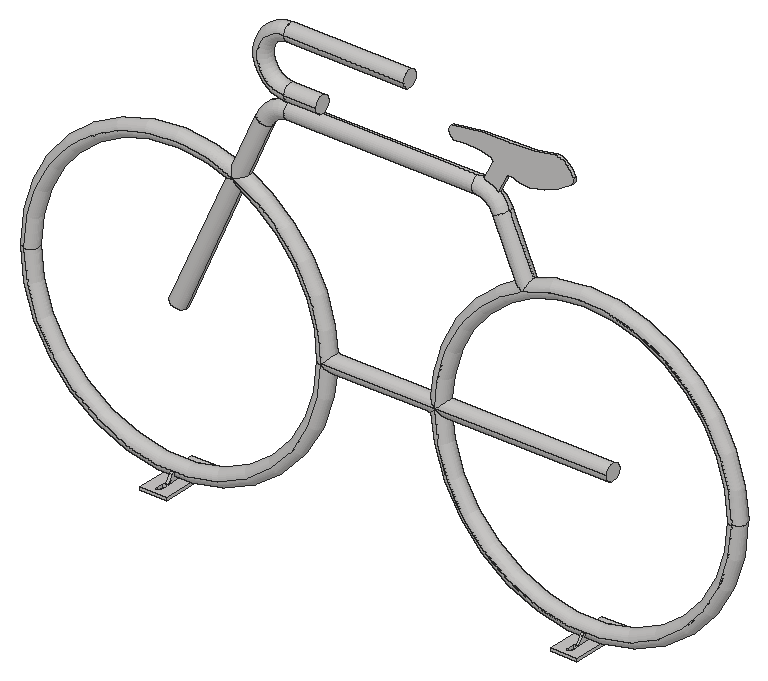
Revit family
Parameters (values of type "Surface Mount")
  URL = "http://www.dero.com/autospec/bike_bike.html"
  Surface Mount = yes
  Model = "BB-FT"
  Bike Footprint (Refer to www.dero.com for more precise info) [instance] = no
  Manufacturer = "Dero Bike Racks"
  In Ground = no
  Description = "Bike Bike Rack"
  Dero Weight (In Lbs) = 55
  Dero Recycled Content = "Galvanized Steel 31.6% Recycled Content, Stainless Steel 67% Recycled Content"
  Dero Parkable Bikes = 4
  Dero Finishes [instance] = Dero Bike Rack Galvanized
Types (3): name | Surface Mount | Model | In Ground
  (no name) | yes | "BB-FT" | no
  In Ground | no | "BB-IG" | yes
  Surface Mount | yes | "BB-FT" | no
Reference planes (in)
  plane 1 "Center (Front/Back)": y = 0
  plane 2: z = 0
  plane 3 "Center (Left/Right)": x = 0
Forms (in)
  Sweep 1, solid, material "Dero Bike Rack Galvanized" <- "Dero Finishes"
    path origin (0, 0, 0) x (1, 0, 0) y (0, 0, 1)
      loop
        circle (-19.04225, 14.75) r 13.75
    profile origin (-19.04225, 0, 1) x (0, 0, -1) y (0, -1, 0)
      loop
        circle (0, 0) r 0.75
  Sweep 2, solid, material "Dero Bike Rack Galvanized" <- "Dero Finishes"
    path origin (0, 0, 0) x (1, 0, 0) y (0, 0, 1)
      loop
        circle (19.04225, 14.75) r 13.75
    profile origin (19.04225, 0, 1) x (0, 0, -1) y (0, -1, 0)
      loop
        circle (0, 0) r 0.75
  Sweep 3, solid, material "Dero Bike Rack Galvanized" <- "Dero Finishes"
    path origin (0, 0, 0) x (1, 0, 0) y (0, 0, 1)
      loop
        line (13.44962, 27.31125) -> (10.98886, 32.8382)
        arc (10.98886, 32.8382) -> (10.0666, 33.91804) -> (8.705, 34.32136) r 2.5
        line (8.705, 34.32136) -> (-8.705, 34.32136)
        arc (-8.705, 34.32136) -> (-10.0666, 33.91804) -> (-10.98886, 32.8382) r 2.5
        line (-10.98886, 32.8382) -> (-19.04225, 14.75)
    profile origin (12.21924, 0, 30.07473) x (-0.913545, 0, -0.406737) y (0, -1, 0)
      loop
        circle (0, 0) r 0.75
  Sweep 4, solid, material "Dero Bike Rack Galvanized" <- "Dero Finishes"
    path origin (0, 0, 0) x (1, 0, 0) y (0, 0, 1)
      loop
        line (-5.755, 35.82136) -> (-8.705, 35.82136)
        arc (-8.705, 35.82136) -> (-11.205, 38.32136) -> (-8.705, 40.82136) r 2.5
        line (-8.705, 40.82136) -> (2.355, 40.82136)
    profile origin (-7.23, 0, 35.82136) x (0, 0, -1) y (0, -1, 0)
      loop
        circle (0, 0) r 0.75
  Sweep 5, solid, material "Dero Bike Rack Galvanized" <- "Dero Finishes"
    path origin (0, 0, 0) x (1, 0, 0) y (0, 0, 1)
      loop
        line (21.20775, 14.75) -> (-5.29225, 14.75)
    profile origin (7.95775, 0, 14.75) x (0, 0, -1) y (0, -1, 0)
      loop
        circle (0, 0) r 0.75
  Extrusion 6, solid, material "Dero Bike Rack Galvanized" <- "Dero Finishes"
    sketch origin (0, 0.125, 0) x (1, 0, 0) y (0, 0, 1)
      loop
        line (6.59033, 37.31293) -> (7.78897, 37.35843)
        arc (7.78897, 37.35843) -> (8.94039, 37.28537) -> (10.05376, 36.98283) r 5.72216
        arc (10.05376, 36.98283) -> (10.19844, 36.8368) -> (10.18476, 36.63169) r 0.25
        line (10.18476, 36.63169) -> (9.32052, 35.01254) -> (10.69076, 34.39415) -> (11.54148, 35.98799)
        arc (11.54148, 35.98799) -> (11.67278, 36.10347) -> (11.84763, 36.10467) r 0.25
        arc (11.84763, 36.10467) -> (12.70312, 35.86993) -> (13.58556, 35.77906) r 5.37586
        arc (13.58556, 35.77906) -> (15.64647, 36.29512) -> (17.47824, 37.37135) r 7.45775
        arc (17.47824, 37.37135) -> (17.64059, 37.60421) -> (17.65001, 37.88791) r 0.5
        arc (17.65001, 37.88791) -> (17.02962, 38.86969) -> (15.95519, 39.31057) r 1.90989
        arc (15.95519, 39.31057) -> (14.00203, 38.95775) -> (12.01908, 38.87257) r 14.6283
        arc (12.01908, 38.87257) -> (9.16229, 38.85282) -> (6.33602, 38.43584) r 20.48606
        arc (6.33602, 38.43584) -> (6.12747, 37.79835) -> (6.59033, 37.31293) r 0.6535
    from 0 to 0.25
  Extrusion 7, solid, material "Dero Bike Rack Galvanized" <- "Dero Finishes", visible <- "Surface Mount"
    sketch origin (0, 0, 0) x (1, 0, 0) y (0, 1, 0)
      loop
        line (-20.29225, 3) -> (-20.29225, -3) -> (-17.79225, -3) -> (-17.79225, 3) -> (-20.29225, 3)
      loop
        arc (-19.261, 1.71875) -> (-19.04225, 1.5) -> (-18.8235, 1.71875) r 0.21875
        line (-18.8235, 1.71875) -> (-18.8235, 2.28125)
        arc (-18.8235, 2.28125) -> (-19.04225, 2.5) -> (-19.261, 2.28125) r 0.21875
        line (-19.261, 2.28125) -> (-19.261, 1.71875)
      loop
        line (-19.261, -1.71875) -> (-19.261, -2.28125)
        arc (-19.261, -2.28125) -> (-19.04225, -2.5) -> (-18.8235, -2.28125) r 0.21875
        line (-18.8235, -2.28125) -> (-18.8235, -1.71875)
        arc (-18.8235, -1.71875) -> (-19.04225, -1.5) -> (-19.261, -1.71875) r 0.21875
      loop
        line (17.79225, 3) -> (17.79225, -3) -> (20.29225, -3) -> (20.29225, 3) -> (17.79225, 3)
      loop
        arc (18.8235, 1.71875) -> (19.04225, 1.5) -> (19.261, 1.71875) r 0.21875
        line (19.261, 1.71875) -> (19.261, 2.28125)
        arc (19.261, 2.28125) -> (19.04225, 2.5) -> (18.8235, 2.28125) r 0.21875
        line (18.8235, 2.28125) -> (18.8235, 1.71875)
      loop
        line (18.8235, -1.71875) -> (18.8235, -2.28125)
        arc (18.8235, -2.28125) -> (19.04225, -2.5) -> (19.261, -2.28125) r 0.21875
        line (19.261, -2.28125) -> (19.261, -1.71875)
        arc (19.261, -1.71875) -> (19.04225, -1.5) -> (18.8235, -1.71875) r 0.21875
    from 0 to 0.25
  Extrusion 8, solid, material "Dero Bike Rack Galvanized" <- "Dero Finishes", visible <- "Surface Mount"
    sketch origin (18.91725, 0, 0) x (0, 1, 0) y (0, 0, 1)
      loop
        line (0, 0.25) -> (1.37932, 0.25) -> (0.75, 1)
        arc (0.75, 1) -> (0.53033, 0.46967) -> (0, 0.25) r 0.75
    from 0 to 0.25
  Extrusion 9, solid, material "Dero Bike Rack Galvanized" <- "Dero Finishes", visible <- "Surface Mount"
    sketch origin (18.91725, 0, 0) x (0, -1, 0) y (0, 0, -1)
      loop
        arc (0, -0.25) -> (0.53033, -0.46967) -> (0.75, -1) r 0.75
        line (0.75, -1) -> (1.37932, -0.25) -> (0, -0.25)
    from 0 to 0.25
  Extrusion 10, solid, material "Dero Bike Rack Galvanized" <- "Dero Finishes", visible <- "Surface Mount"
    sketch origin (-19.16725, 0, 0) x (0, 1, 0) y (0, 0, 1)
      loop
        line (0, 0.25) -> (1.37932, 0.25) -> (0.75, 1)
        arc (0.75, 1) -> (0.53033, 0.46967) -> (0, 0.25) r 0.75
    from 0 to 0.25
  Extrusion 11, solid, material "Dero Bike Rack Galvanized" <- "Dero Finishes", visible <- "Surface Mount"
    sketch origin (-19.16725, 0, 0) x (0, -1, 0) y (0, 0, -1)
      loop
        arc (0, -0.25) -> (0.53033, -0.46967) -> (0.75, -1) r 0.75
        line (0.75, -1) -> (1.37932, -0.25) -> (0, -0.25)
    from 0 to 0.25
  Extrusion 12, solid, material "Dero Bike Rack Galvanized" <- "Dero Finishes", visible <- "In Ground"
    sketch origin (0, 0, 0) x (1, 0, 0) y (0, 1, 0)
      loop
        circle (-19.04225, 0) r 0.75
      loop
        circle (19.04225, 0) r 0.75
    from 0.25 to -6
Cuts and joins
  joined: Sweep 1, Sweep 2, Sweep 3, Sweep 5, Extrusion 6
Lines and regions (in)
  symbolic lines, style "SiteHiddenLines", visible <- "Bike Footprint (Refer to www.dero.com for more precise info)"
    curve 1: line (-80, 15, 0) -> (80, 15, 0)
    curve 2: line (-80, -15, 0) -> (-80, 15, 0)
    curve 3: line (80, -15, 0) -> (-80, -15, 0)
    curve 4: line (80, 15, 0) -> (80, -15, 0)
Dimensions and locks (in)
  Extrusion 7 sketch curve to plane 1 "Center (Front/Back)" = 0' - 3"
  plane 1 "Center (Front/Back)" to Extrusion 7 sketch curve = 0' - 3"
  plane 1 "Center (Front/Back)" to curve 1 = 1' - 3"
  curve 3 to curve 1 = 2' - 6"
  curve 2 to plane 3 "Center (Left/Right)" = 6' - 8"
  curve 2 to curve 4 = 13' - 4"
